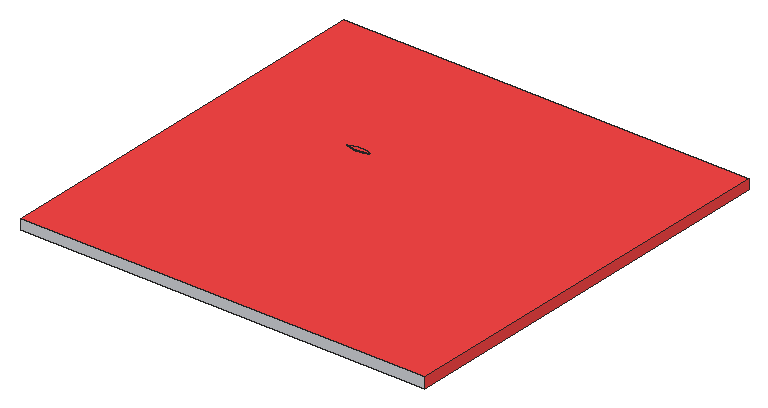
Revit family "PRESTO ARTE D (C)", category Aparatos sanitarios, Revit 2015
Parameters (values of type "55060")
  URL = "http://www.prestoiberica.com/ducha/temporizada-arte/presto-arte-d?c=es"
  Teléfono = "(+34) 915 782 575"
  TIPO DE AGUA = "Caliente"
  REFERENCIA = "55060"
  Presión Máxima = ""
  PESO BRUTO = "0.716  Kg"
  Keynote = ""
  Modelo = "PRESTO ARTE D"
  Material = Presto Ibérica: LATON CROMADO
  Imagen de tipo = <Ninguno>
  Fabricante = "PRESTO IBÉRICA"
  Default Elevation = 1219.2 mm
  ENTRADA = "Macho y hembra 1/2\""
  Descripción = "Grifo temporizado de un agua para instalación empotrada con cuerpo de latón cromado y embellecedor plano."
  Código de montaje = "C1030220"
  Contacto = "info@prestoiberica.com"
  Conexión AF = yes
  Conexión AC = yes
  Comentarios de tipo = "◦Cabeza intercambiable que comprende todo el cuerpo del grifo\r\n◦Cuerpo y pulsador en latón cromado, piezas interiores en materiales resistentes a la corrosión y a las incrustaciones calcáreas\r\n◦Con placa intermedia de fijación, embellecedor en latón cromado y tornillería oculta"
  CIERRE = "Automático en 30 seg."
  CAUDAL = "15 L/Min"
  Accionamiento = "Por pulsador"
Reference planes
  plane 1 "Centro (Frontal/Posterior)": y = 0
  plane 2: z = 0
  plane 3 "Centro (Izquierda/Derecha)": x = 0
Forms (mm)
  Extrusion 1, solid
    sketch origin (0, 0, 0) x (1, 0, 0) y (0, 1, 0)
      loop
        line (-100, 100) -> (-100, -100) -> (100, -100) -> (100, 100) -> (-100, 100)
    from 0 to -5
  Extrusion 2, solid, material "Presto Ibérica: AGUA CALIENTE"
    sketch origin (0, 0, 28.7) x (0, -1, 0) y (1, 0, 0)
      loop
        arc (15.998, -5.853) -> (17.095, -0.173) -> (15.998, 5.506) r 15.242
        arc (15.998, 5.506) -> (14.778, -0.173) -> (15.998, -5.853) r 13.828
    from 0 to 0.2
Dimensions and locks
  aligned and locked: plane 2 to Extrusion 1
  aligned and locked: level to Extrusion 1
Connectors
  piping at (0, -37, -30.5), diameter 12.7
    settings: on import instance, index 1, connector inside diameter 609.6 mm, connector length 0 mm, flow factor 0, pipe flow 0.0 L/s, pressure drop 0.0 Pa, fitting loss kfactor 0, connector angle 0.00°, fixture units 0, engagement length 0 mm, angle of deflection 0.00°, flow configuration 0, flow direction 1, fitting loss method 0, system type 19, joint type 0, gender type 0, connector reference index -1, connector utility 0, adjustable connector no, is connector primary yes, connector description ""
